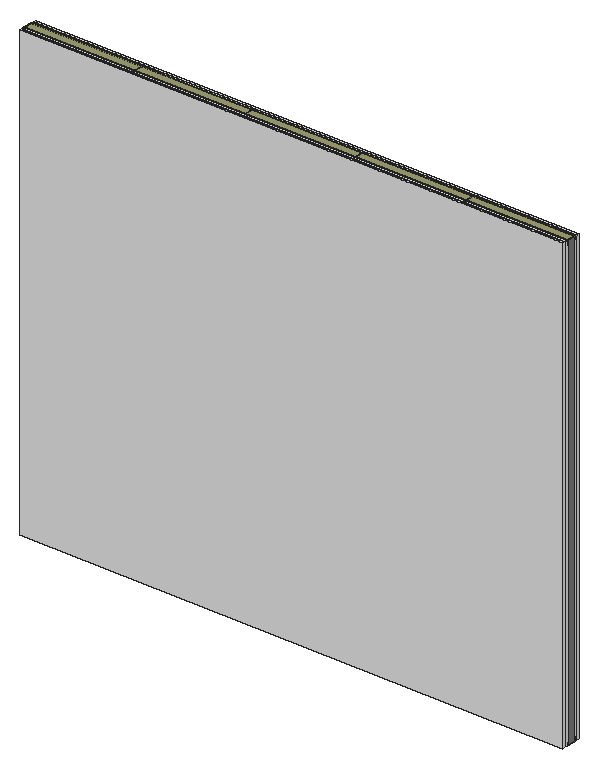
Revit family "Wall system Plasterboard - Rigislab (STC 41_Uvalue 0.57) (1)", category Structural Stiffeners, Revit 2020
Family settings
  OmniClass Number = 23.25.30.11.27
  OmniClass Title = Vibration and Earthquake Controls
  Cut with Voids When Loaded = No
  Shared = No
Parameters (values of type "STC 41(Plasterboard)")
  U-Value (W/m2k) = "0.57"
  U Value Report = ""
  Type of Insulation = "Glass Mineral Wool Semi-rigid slab"
  Total System Thickness-mm = 88 mm
  Thermal R Value = 1.4
  Thermal K Value = 0.348
  System Description = "1. Gypsum Plasterboard-12mm\r\n2. Ecowool Rigislab 50mm x 20kg/m3\r\n3. Stud 64mm r\r\n4. Gypsum Plasterboard-12mm"
  Sustainability - Same documentation for all selection = ""
  SubW [instance] = roundup([built-in parameter 1001306] / 609 mm) * 609 mm  # 3045 mm
  SubL [instance] = if([built-in parameter 1001306] > 1218 mm, No Insulation * 609 mm, if([built-in parameter 1001306] > 609 mm, 609 mm, if([built-in parameter 1001306] > 0 mm, 0 mm, No Insulation * 609 mm))) + 1 mm  # 2437 mm
  STC in dB = 41
  STC Report = ""
  STC No = "41"
  Remarks = "Recommended for drywall partition applications where some acoustic performance\r\nare required. Such as office & commercial environment"
  No Metal Stud [instance] = ([built-in parameter 1001306] / [Metal Stud Spacer (mm)])  # 5
  No Insulation [instance] = roundup(SubW / 609 mm) - 1  # 4
  Metal Stud Width = 64 mm
  Metal Stud Spacer (mm) = 609 mm
  Material Specification = "Ecowool Brownie RigiSlab"
  Manufacturer = "PGF Insulation Sdn. Bhd."
  MSDS = ""
  built-in parameter 1001306 [instance] = 3000 mm
  Insulation Length (mm) = 609 mm
  Insulation Thickness (mm) = 50 mm
  Installation and Workmanship- Same for all the system = ""
  Height Wall (mm) = 2500 mm
  Handling and Storage- Same for all system = ""
  Gypsum Thickness (mm) = 12 mm
  Finish = BROWNIE RigiSlab
  FAQ- Same for all System = ""
  ECOWOOL Product thickness in mm = "50"
  Description = "Ecowool Rigislab is semi-rigid or rigid slabs of non-combustible, water repellent, glass mineral wool. They are designed to suit standard dry wall, ensuring a closed joint with adjacent slabs."
  Density = 20.00 kg/m³
  Board Material = Plaster Board
  Board 2 = yes
  Board 1 = yes
  AutoCad Drawing = ""
Reference planes
  plane 1 "Center (Front/Back)": y = -12.5
  plane 2: z = 0
  plane 3 "Left": x = 0
  plane 4 "Right": x = 3000
  plane 5: z = 2500
  plane 6: x = 2437
  plane 7: x = 3046
Forms (mm)
  Extrusion 1, solid, material "BROWNIE RigiSlab" <- "Finish"
    sketch origin (0, 0, 0) x (1, 0, 0) y (0, 1, 0)
      loop
        line (2437, 12.5) -> (2437, -37.5) -> (3046, -37.5) -> (3046, 12.5) -> (2437, 12.5)
    from 0 to 2500
  Extrusion 2, void
    sketch origin (0, 0, 0) x (1, 0, 0) y (0, 1, 0)
      loop
        line (2999, 12.5) -> (2999, -37.5) -> (3046, -37.5) -> (3046, 12.5) -> (2999, 12.5)
    from -45.694 to 2779.923
Cuts and joins
  Extrusion 2 cuts Extrusion 1
Lines and regions (mm)
  reference lines
    curve 1: line (0, -12.5, 0) -> (3000, -12.5, 0)
Dimensions and locks
  "built-in parameter 1001306": plane 3 "Left" to plane 4 "Right"
  "Height Wall (mm)": plane 5 to level
  equal spacing: group 1, group 2, group 3, group 4, group 5  (x3)
  "Metal Stud Spacer (mm)": plane 3 "Left" to nested 3
  "SubL": plane 3 "Left" to plane 6
  locked: plane 6 to plane 7 at 609
  equal spacing: Extrusion 1 sketch curve, plane 1 "Center (Front/Back)", Extrusion 1 sketch curve
  "Insulation Thickness (mm)": Extrusion 1 sketch curve to Extrusion 1 sketch curve
  equal spacing: Extrusion 1, plane 1 "Center (Front/Back)", Extrusion 2 sketch curve
  "Insulation Thickness (mm)": Extrusion 2 sketch curve to Extrusion 2 sketch curve
  locked: Extrusion 2 sketch curve to plane 4 "Right" at 1
  plane 4 "Right" to plane 7 = 46 mm
  plane 6 to plane 4 "Right" = 563 mm
  equal spacing: group 6, group 7, group 8, group 9  (x3)
  equal spacing: Extrusion 2 sketch curve, Extrusion 2 sketch curve, nested 1
  aligned and locked: plane 4 "Right" to curve 1
  aligned and locked: plane 1 "Center (Front/Back)" to curve 1
  aligned and locked: plane 3 "Left" to curve 1
  aligned and locked: plane 3 "Left" to nested 1
  aligned and locked: plane 4 "Right" to nested 1
  aligned and locked: plane 5 to nested 2
  aligned and locked: plane 3 "Left" to nested 6
  aligned and locked: nested 8 to plane 4 "Right"
  aligned and locked: plane 1 "Center (Front/Back)" to nested 1
  aligned and locked: plane 1 "Center (Front/Back)" to nested 2
  aligned and locked: plane 1 "Center (Front/Back)" to nested 6
  aligned and locked: nested 8 to plane 1 "Center (Front/Back)"
  aligned and locked: nested 2 to nested 10
  aligned and locked: plane 1 "Center (Front/Back)" to nested 10
  aligned and locked: plane 7 to Extrusion 1 sketch curve
  aligned and locked: Extrusion 1 sketch curve to plane 6
  aligned and locked: plane 5 to Extrusion 1
  aligned and locked: Extrusion 1 to level
Automatic sketch dimensions
  Extrusion 2 sketch curve to plane 7 = 0 mm
Nested families
  nested 1: "Gypsum Plasterboard" at (0, -12.5, 0), type "Gypsum Plasterboard"
    with built-in parameter 1001306 3000 mm, Insulation Width 50 mm, Gypsum Thickness 12 mm
  nested 2: "Metal Stud" at (0, -12.5, 0), type "Metal Stud"
    with Metal Stud Width 64 mm
  nested 3: "Metal Stud" at (609, -12.5, 0), type "Metal Stud"
    with Metal Stud Width 64 mm
  nested 4: "Metal Stud" at (1218, -12.5, 0), type "Metal Stud"
    with Metal Stud Width 64 mm
  nested 5: "Metal Stud" at (1827, -12.5, 0), type "Metal Stud"
    with Metal Stud Width 64 mm
  nested 6: "Metal Runner" at (0, -12.5, 0), type "Metal Runner"
    with Metal Runner Width 50 mm, Length Metal Runner 3000 mm
  nested 7: "Metal Runner" at (0, -12.5, 2500) x (1, 0, 0) z (0, 0, -1), type "Metal Runner"
    with Metal Runner Width 50 mm, Length Metal Runner 3000 mm
  nested 8: "Metal Stud" at (3000, -12.5, 0) x (-1, 0, 0) z (0, 0, 1), type "Metal Stud"
    with Metal Stud Width 64 mm
  nested 9: "Metal Stud" at (2436, -12.5, 0), type "Metal Stud"
    with Metal Stud Width 64 mm
  nested 10: "Insulation Brownie" at (1, -12.5, 0), type "Insulation Brownie"
    with Thickness Insulation 50 mm
  nested 11: "Insulation Brownie" at (610, -12.5, 0), type "Insulation Brownie"
    with Thickness Insulation 50 mm
  nested 12: "Insulation Brownie" at (1219, -12.5, 0), type "Insulation Brownie"
    with Thickness Insulation 50 mm
  nested 13: "Insulation Brownie" at (1828, -12.5, 0), type "Insulation Brownie"
    with Thickness Insulation 50 mm
Definition of nested family "Gypsum Plasterboard"
  Parameters (values of type "Gypsum Plasterboard")
    Platerboard (inner Layer) = 16 mm
    Manufacturer = "Rockwool"
    built-in parameter 1001306 [instance] = 1200 mm
    Insulation Width = 55 mm
    Height Wall = 2500 mm
    Gypsum Thickness = 12.5 mm
    Description = "Double layers wall system - Rigislab 5020"
    Cement Board 2 = yes
    Cement Board 1 = yes
    Board Type = none
  Reference planes
    plane 1 "Center (Front/Back)": y = 0
    plane 2: z = 0
    plane 3 "Left": x = 0
    plane 4 "Right": x = 1200
    plane 5: y = 27.5
    plane 6: y = -27.5
    plane 7: z = 2500
  Forms (mm)
    Sweep 1, solid, material <- "Board Type", visible <- "Cement Board 1"
      path origin (0, 0, 0) x (1, 0, 0) y (0, -1, 0)
        loop
          line (0, 0) -> (1200, 0)
      profile origin (600, 0, 0) x (0, 1, 0) y (0, 0, 1)
        loop
          line (27.5, 2500) -> (27.5, 0) -> (43.5, 0) -> (43.5, 2500) -> (27.5, 2500)
    Sweep 2, solid, material <- "Board Type", visible <- "Cement Board 2"
      path origin (0, 16, 0) x (1, 0, 0) y (0, -1, 0)
        loop
          line (0, 0) -> (1200, 0)
      profile origin (600, 16, 0) x (0, 1, 0) y (0, 0, 1)
        loop
          line (27.5, 2500) -> (27.5, 0) -> (40, 0) -> (40, 2500) -> (27.5, 2500)
    Sweep 3, solid, material <- "Board Type", visible <- "Cement Board 1"
      path origin (0, 0, 0) x (1, 0, 0) y (0, 1, 0)
        loop
          line (0, 0) -> (1200, 0)
      profile origin (600, 0, 0) x (0, 1, 0) y (0, 0, 1)
        loop
          line (-27.5, 2500) -> (-43.5, 2500) -> (-43.5, 0) -> (-27.5, 0) -> (-27.5, 2500)
    Sweep 4, solid, material <- "Board Type", visible <- "Cement Board 2"
      path origin (0, -16, 0) x (1, 0, 0) y (0, 1, 0)
        loop
          line (0, 0) -> (1200, 0)
      profile origin (600, -16, 0) x (0, 1, 0) y (0, 0, 1)
        loop
          line (-27.5, 2500) -> (-40, 2500) -> (-40, 0) -> (-27.5, 0) -> (-27.5, 2500)
  Lines and regions (mm)
    reference lines
      curve 1: line (0, 0, 0) -> (1200, 0, 0)
  Dimensions and locks
    "built-in parameter 1001306": plane 3 "Left" to plane 4 "Right"
    "Insulation Width": plane 6 to plane 5
    "Height Wall": level to plane 7
    "built-in parameter 1001306": Sweep 1 sketch curve to Sweep 1 sketch curve
    "Platerboard (inner Layer)": Sweep 1 sketch curve to Sweep 1 sketch curve
    "built-in parameter 1001306": Sweep 2 sketch curve to Sweep 2 sketch curve
    "Gypsum Thickness": Sweep 2 sketch curve to Sweep 2 sketch curve
    equal spacing: plane 6, plane 1 "Center (Front/Back)", plane 5
    "built-in parameter 1001306": Sweep 3 sketch curve to Sweep 3 sketch curve
    "Platerboard (inner Layer)": Sweep 3 sketch curve to Sweep 3 sketch curve
    "built-in parameter 1001306": Sweep 4 sketch curve to Sweep 4 sketch curve
    "Gypsum Thickness": Sweep 4 sketch curve to Sweep 4 sketch curve
    aligned and locked: plane 4 "Right" to curve 1
    aligned and locked: plane 1 "Center (Front/Back)" to curve 1
    aligned and locked: plane 3 "Left" to curve 1
    aligned and locked: plane 5 to Sweep 1
    aligned and locked: Sweep 2 to Sweep 2
    aligned and locked: Sweep 1 sketch curve to plane 7
    aligned and locked: Sweep 2 sketch curve to plane 7
    aligned and locked: Sweep 2 to Sweep 1
    aligned and locked: Sweep 4 to Sweep 4
    aligned and locked: Sweep 3 to Sweep 4
  Automatic sketch dimensions
    plane 1 "Center (Front/Back)" to Sweep 1 sketch curve = 0 mm
    Sweep 1 sketch curve to plane 3 "Left" = 0 mm
    Sweep 1 sketch curve to level = 0 mm
    Sweep 1 sketch curve to profile plane = 27.5 mm
    Sweep 2 sketch curve to plane 3 "Left" = 0 mm
    Sweep 2 sketch curve to plane 5 = 11.5 mm
    Sweep 2 sketch curve to level = 0 mm
    Sweep 2 sketch curve to profile plane = 27.5 mm
    plane 1 "Center (Front/Back)" to Sweep 3 sketch curve = 0 mm
    Sweep 3 sketch curve to plane 3 "Left" = 0 mm
    Sweep 3 sketch curve to level = 0 mm
    profile plane to Sweep 3 sketch curve = 43.5 mm
    Sweep 3 sketch curve to Sweep 3 sketch curve = 2500 mm
    Sweep 4 sketch curve to plane 3 "Left" = 0 mm
    Sweep 4 sketch curve to plane 6 = 11.5 mm
    Sweep 4 sketch curve to level = 0 mm
    profile plane to Sweep 4 sketch curve = 40 mm
    level to Sweep 4 sketch curve = 2500 mm
Definition of nested family "Metal Stud"
  Parameters (values of type "Metal Stud")
    Metal Stud Width = 50 mm
    Height = 2500 mm
  Reference planes
    plane 1 "Center (Front/Back)": y = 0
    plane 2: z = 0
    plane 3 "Center (Left/Right)": x = 0
    plane 4 "Center L/S": y = 25
    plane 5 "Center L/T": y = -25
    plane 6: z = 1
    plane 7: z = 2500
    plane 8: z = 2499
  Forms (mm)
    Extrusion 1, solid
      sketch origin (0, 0, 0) x (1, 0, 0) y (0, 1, 0)
        loop
          line (0, 25) -> (0, -25) -> (20, -25) -> (20, -24) -> (1, -24) -> (1, 24) -> (20, 24) -> (20, 25) -> (0, 25)
      from 1 to 2499
  Dimensions and locks
    Extrusion 1 sketch curve to Extrusion 1 sketch curve = 1 mm  (x3)
    locked: plane 8 to plane 7 at 1
    plane 1 "Center (Front/Back)" to Extrusion 1 = 25 mm
    "Height": plane 7 to level
    "Metal Stud Width": plane 5 "Center L/T" to plane 4 "Center L/S"
    equal spacing: plane 5 "Center L/T", plane 1 "Center (Front/Back)", plane 4 "Center L/S"
    locked: plane 6 to plane 2 at 1
    aligned and locked: plane 4 "Center L/S" to Extrusion 1
    aligned and locked: plane 5 "Center L/T" to Extrusion 1
    aligned and locked: plane 3 "Center (Left/Right)" to Extrusion 1
    aligned and locked: Extrusion 1 to plane 6
    aligned and locked: plane 8 to Extrusion 1
  Automatic sketch dimensions
    Extrusion 1 sketch curve to plane 3 "Center (Left/Right)" = 0 mm
    plane 4 "Center L/S" to Extrusion 1 sketch curve = 0 mm
    plane 5 "Center L/T" to Extrusion 1 sketch curve = 0 mm
    Extrusion 1 sketch curve to Extrusion 1 sketch curve = 19 mm  (x2)
Definition of nested family "Metal Runner"
  Parameters (values of type "Metal Runner")
    Metal Runner Width = 48 mm
    Length Metal Runner = 2460 mm
    Default Elevation = 1219.2 mm
  Reference planes
    plane 1 "Center (Front/Back)": y = 0
    plane 2: z = 0
    plane 3 "Center (Left/Right)": x = 0
    plane 4 "Center L/S": y = 24
    plane 5 "Center L/T": y = -24
  Forms (mm)
    Extrusion 1, solid
      sketch origin (0, 0, 0) x (0, 1, 0) y (0, 0, 1)
        loop
          line (24, 0) -> (24, 20) -> (23, 20) -> (23, 1) -> (-23, 1) -> (-23, 20) -> (-24, 20) -> (-24, 0) -> (24, 0)
      from 0 to 2460
  Dimensions and locks
    "Metal Runner Width": plane 5 "Center L/T" to plane 4 "Center L/S"
    equal spacing: plane 5 "Center L/T", plane 1 "Center (Front/Back)", plane 4 "Center L/S"
    Extrusion 1 sketch curve to Extrusion 1 sketch curve = 1 mm  (x3)
    "Length Metal Runner": Extrusion 1 to Extrusion 1
    aligned and locked: plane 4 "Center L/S" to Extrusion 1 sketch curve
    aligned and locked: Extrusion 1 sketch curve to level
    aligned and locked: plane 5 "Center L/T" to Extrusion 1 sketch curve
  Automatic sketch dimensions
    Extrusion 1 sketch curve to Extrusion 1 sketch curve = 19 mm  (x2)
Definition of nested family "Insulation Brownie"
  Parameters (values of type "Insulation Brownie")
    Thickness Insulation = 75 mm
    Length of Insulation = 609 mm
    Height of Insulation = 2500 mm
    Finish = none
  Reference planes
    plane 1 "Center (Front/Back)": y = 0
    plane 2: z = 0
    plane 3 "Center (Left/Right)": x = 0
    plane 4: z = 2500
    plane 5: y = 37.5
    plane 6: y = -37.5
  Forms (mm)
    Sweep 1, solid, material <- "Finish"
      path origin (0, 0, 0) x (1, 0, 0) y (0, 1, 0)
        loop
          line (0, 0) -> (609, 0)
      profile origin (304.5, 0, 0) x (0, 1, 0) y (0, 0, 1)
        loop
          line (37.5, 2500) -> (-37.5, 2500) -> (-37.5, 0) -> (37.5, 0) -> (37.5, 2500)
  Dimensions and locks
    "Length of Insulation": Sweep 1 sketch curve to Sweep 1 sketch curve
    "Height of Insulation": plane 4 to level
    equal spacing: plane 5, plane 1 "Center (Front/Back)", plane 6
    "Thickness Insulation": plane 5 to plane 6
    aligned and locked: plane 3 "Center (Left/Right)" to Sweep 1 sketch curve
    aligned and locked: plane 5 to Sweep 1 sketch curve
    aligned and locked: Sweep 1 sketch curve to plane 6
  Automatic sketch dimensions
    plane 1 "Center (Front/Back)" to Sweep 1 sketch curve = 0 mm
    Sweep 1 sketch curve to level = 0 mm
    Sweep 1 sketch curve to plane 4 = 0 mm
